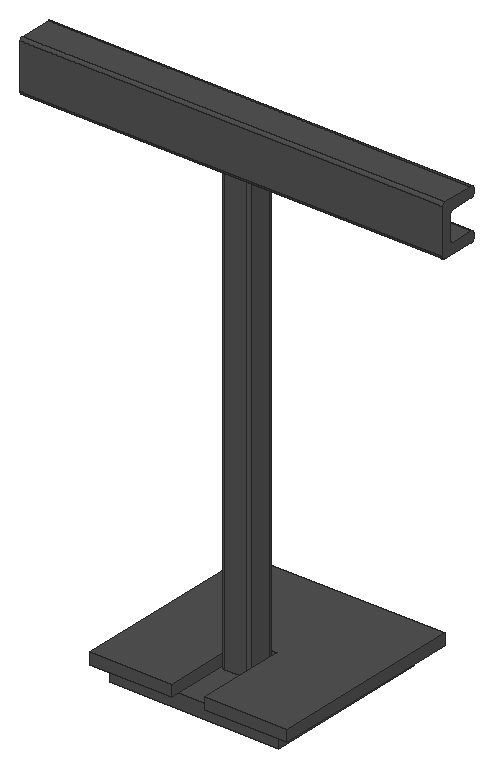
Revit family "71914", category Lighting Fixtures, Revit 2018
Family settings
  Round Connector Dimension = Use Diameter
  Part Type = Normal
  OmniClass Number = 23.80.70.00
  OmniClass Title = Lighting
  Work Plane-Based = Yes
  Always vertical = No
  Cut with Voids When Loaded = Yes
  Light Source = No
  Shared = No
  Room Calculation Point = No
Parameters (values of type "71914 KASP Wall lamp accessory")
  Voltage = ""
  URL = "https://www.faro.es/"
  Pendant height = Heigth + Hand.aux  # 575.034 mm
  Model = ""
  Manufacturer = "FARO Barcelona"  # constant formula
  Lamp = ""
  KASP lamp = no
  Heigth = 501.5 mm
  Hand.aux = 73.534 mm
  FARO_URL Model = "https://faro.es/en/productos/kasp-accesorio-aplique/"
  FARO_Subcategory = "Portable"  # constant formula
  FARO_Ref_Accessory = "for 71912, 71913"
  FARO_Ref = "71914"
  FARO_Model Line = "KASP"  # constant formula
  FARO_Material_04 = FARO_Black Matt
  FARO_Material_03 = FARO_White_translucide
  FARO_Material_02 = FARO_Black ceramics
  FARO_Material_01 = FARO_Black Matt
  FARO_Last Actualization Date = "29/04/2021"  # constant formula
  FARO_EAN = "8421776240285"
  FARO_Description ES = "KASP Accesorio aplique"
  FARO_Description EN = "KASP Wall lamp accessory"
  FARO_Category = "Outdoor"  # constant formula
  Default Elevation = 1219.2 mm
  Assembly Code = ""
Types (3, lengths in mm): name | Pendant height | KASP lamp | Heigth | FARO_URL Model | FARO_Ref_Accessory | FARO_EAN
  71914 KASP Wall lamp accessory | 575.034 | no | 501.5 | "https://faro.es/en/productos/kasp-accesorio-aplique/" | "for 71912, 71913" | "8421776240285"
  71914 KASP Wall lamp accessory + 71912 | 375.034 | yes | 301.5 | "" | "71912" | ""
  71914 KASP Wall lamp accessory + 71913 | 575.034 | yes | 501.5 | "" | "71913" | ""
Reference planes
  plane 1 "Light Source Axis (F/B)": y = 0
  plane 2: z = 0
  plane 3 "Light Source Axis (L/R)": x = 0
  plane 4 "Light Source Elevation 1": z = 172.582
  plane 5: x = -91.68
  plane 6: x = 91.68
  plane 7: x = -80.82
  plane 8: x = 80.82
  plane 9: y = -12.329
  plane 10: y = -85.863
Dimensions and locks
  plane 4 "Light Source Elevation 1" to plane 2 = 172.582 mm
  equal spacing: plane 5, plane 3 "Light Source Axis (L/R)", plane 6
  locked: plane 5 to plane 7 at 10.86
  locked: plane 8 to plane 6 at 10.86
  plane 5 to plane 6 = 183.36 mm
  locked: plane 1 "Light Source Axis (F/B)" to plane 9 at 12.329
  "Hand.aux": plane 9 to plane 10
  aligned and locked: level to plane 2
  aligned and locked: plane 1 "Light Source Axis (F/B)" to nested 2
  aligned and locked: nested 2 to plane 9
  aligned and locked: nested 1 to plane 10
Nested families
  nested 1: "71912, 71913 KASP" at (0, -587.363, 172.582) x (0, 0, -1) z (0, 1, 0), Heigth <- "Heigth", visible <- "KASP lamp", VIS <- "KASP lamp", type "71912 KASP Black portable beacon lamp H30"
    with VIS no, Heigth 501.5 mm
  nested 2: "71914_" at (0, 0, 0), FARO_Material_01 <- "FARO_Material_01", FARO_Material_02 <- "FARO_Material_02", FARO_Material_03 <- "FARO_Material_03", FARO_Material_04 <- "FARO_Material_04", type "LAMP"
    with Total height 506 mm, FARO_Material_04 FARO_Black Matt, FARO_Material_03 FARO_White_translucide, FARO_Material_02 FARO_Black ceramics, FARO_Material_01 FARO_Black Matt, B 130 mm, A 150 mm
Definition of nested family "71914_"
  Parameters (values of type "LAMP")
    Voltage = ""
    URL = "https://www.faro.es/"
    Total height [instance] = 306 mm
    Model = ""
    Manufacturer = "FARO Barcelona"  # constant formula
    Lamp = ""
    Int = 180 mm
    FARO_URL Model = ""
    FARO_Subcategory = ""
    FARO_Ref_Accessory = ""
    FARO_Ref = ""
    FARO_Model Line = ""
    FARO_Material_04 [instance] = none
    FARO_Material_03 [instance] = none
    FARO_Material_02 [instance] = none
    FARO_Material_01 [instance] = none
    FARO_Last Actualization Date = "29/04/2021"  # constant formula
    FARO_EAN = ""
    FARO_Description ES = ""
    FARO_Description EN = ""
    FARO_Category = ""
    Default Elevation = 1219.2 mm
    B [instance] = 130 mm
    Assembly Code = ""
    A [instance] = 150 mm
  Reference planes
    plane 1 "Light Source Axis (F/B)": y = 0
    plane 2: z = 0
    plane 3 "Light Source Axis (L/R)": x = 0
    plane 4 "Light Source Elevation": z = 172.582
    plane 5: z = 163.6
    plane 6: x = -75.007
    plane 7: x = 75.007
    plane 8: y = 12.329
  Forms (mm)
    Extrusion 1, solid, material <- "FARO_Material_01"
      sketch origin (0, 0, 0) x (1, 0, 0) y (0, 1, 0)
        loop
          line (-30, 32.207) -> (-30, -27.793) -> (30, -27.793) -> (30, 32.207) -> (-30, 32.207)
        loop
          circle (-23.5, 25.705) r 2.8
        loop
          circle (23.5, 25.705) r 2.8
        loop
          circle (-23.5, -21.291) r 2.8
        loop
          circle (23.5, -21.291) r 2.8
      from 0 to 5
    Extrusion 2, solid, material <- "FARO_Material_01"
      sketch origin (0, 0, 0) x (1, 0, 0) y (0, 1, 0)
        loop
          line (-34.863, 35) -> (-34.863, -35) -> (35.137, -35) -> (35.137, 35) -> (5.937, 35) -> (5.937, 2.879) -> (-5.663, 2.879) -> (-5.663, 35) -> (-34.863, 35)
      from 5 to 9
    Extrusion 3, solid, material <- "FARO_Material_01"
      sketch origin (0, 0, 0) x (1, 0, 0) y (0, 1, 0)
        loop
          line (5, 4.708) -> (5, 12.651)
          arc (5, 12.651) -> (4.699, 13.378) -> (3.972, 13.679) r 1.028
          line (3.972, 13.679) -> (-3.983, 13.679)
          arc (-3.983, 13.679) -> (-4.702, 13.381) -> (-5, 12.662) r 1.017
          line (-5, 12.662) -> (-5, 4.702)
          arc (-5, 4.702) -> (-4.701, 3.979) -> (-3.978, 3.679) r 1.022
          line (-3.978, 3.679) -> (3.972, 3.679)
          arc (3.972, 3.679) -> (4.699, 3.98) -> (5, 4.708) r 1.028
      from 0 to 163.6
    Extrusion 4, solid, material <- "FARO_Material_01"
      sketch origin (0, 0, 0) x (0, 1, 0) y (0, 0, 1)
        loop
          line (14.527, 181.6) -> (3.035, 181.6)
          arc (3.035, 181.6) -> (2.324, 181.305) -> (2.029, 180.594) r 1.006
          line (2.029, 180.594) -> (2.029, 178.899)
          arc (2.029, 178.899) -> (2.337, 178.157) -> (3.078, 177.85) r 1.049
          line (3.078, 177.85) -> (11.293, 177.85)
          arc (11.293, 177.85) -> (12.026, 177.547) -> (12.329, 176.814) r 1.036
          line (12.329, 176.814) -> (12.329, 168.349)
          arc (12.329, 168.349) -> (12.036, 167.643) -> (11.33, 167.35) r 0.999
          line (11.33, 167.35) -> (3.05, 167.35)
          arc (3.05, 167.35) -> (2.328, 167.051) -> (2.029, 166.329) r 1.021
          line (2.029, 166.329) -> (2.029, 164.648)
          arc (2.029, 164.648) -> (2.336, 163.907) -> (3.077, 163.6) r 1.048
          line (3.077, 163.6) -> (14.544, 163.6)
          arc (14.544, 163.6) -> (15.239, 163.888) -> (15.527, 164.583) r 0.983
          line (15.527, 164.583) -> (15.527, 180.6)
          arc (15.527, 180.6) -> (15.234, 181.307) -> (14.527, 181.6) r 1
      from -75.007 to 75.007
  Cuts and joins
    joined: Extrusion 1, Extrusion 3
  Dimensions and locks
    plane 4 "Light Source Elevation" to plane 2 = 172.582 mm
    equal spacing: plane 7, plane 3 "Light Source Axis (L/R)", plane 6
    plane 6 to plane 7 = 150.014 mm
    locked: plane 8 to plane 1 "Light Source Axis (F/B)" at 12.329
    aligned and locked: level to plane 2
    aligned and locked: Extrusion 1 to plane 2
    aligned and locked: plane 5 to Extrusion 3
    aligned and locked: plane 6 to Extrusion 4
    aligned and locked: Extrusion 4 to plane 7
    aligned and locked: Extrusion 1 to Extrusion 3
  Automatic sketch dimensions
    Extrusion 1 sketch curve to plane 3 "Light Source Axis (L/R)" = 30 mm
    Extrusion 1 sketch curve to Extrusion 1 sketch curve = 6.5 mm  (x3)
    plane 3 "Light Source Axis (L/R)" to Extrusion 1 sketch curve = 23.5 mm  (x2)
    plane 1 "Light Source Axis (F/B)" to Extrusion 1 sketch curve = 27.793 mm
    Extrusion 1 sketch curve to Extrusion 1 sketch curve = 6.502 mm  (x3)
    Extrusion 1 sketch curve to plane 1 "Light Source Axis (F/B)" = 25.705 mm  (x2)
    Extrusion 2 sketch curve to plane 3 "Light Source Axis (L/R)" = 34.863 mm
    Extrusion 2 sketch curve to plane 3 "Light Source Axis (L/R)" = 5.663 mm
    Extrusion 2 sketch curve to plane 1 "Light Source Axis (F/B)" = 2.879 mm
    plane 3 "Light Source Axis (L/R)" to Extrusion 2 sketch curve = 5.937 mm
    plane 3 "Light Source Axis (L/R)" to Extrusion 2 sketch curve = 35.137 mm
    plane 1 "Light Source Axis (F/B)" to Extrusion 2 sketch curve = 35 mm
    Extrusion 2 sketch curve to plane 1 "Light Source Axis (F/B)" = 35 mm
    Extrusion 2 sketch curve to Extrusion 2 sketch curve = 0 mm
    Extrusion 3 sketch curve to plane 3 "Light Source Axis (L/R)" = 5 mm
    Extrusion 3 sketch curve to Extrusion 3 sketch curve = 1.017 mm
    Extrusion 3 sketch curve to Extrusion 3 sketch curve = 1.022 mm
    plane 3 "Light Source Axis (L/R)" to Extrusion 3 sketch curve = 3.972 mm  (x2)
    Extrusion 3 sketch curve to Extrusion 3 sketch curve = 1.028 mm
    Extrusion 3 sketch curve to plane 1 "Light Source Axis (F/B)" = 3.679 mm
    Extrusion 3 sketch curve to Extrusion 3 sketch curve = 7.943 mm
    Extrusion 4 sketch curve to plane 5 = 0 mm
    Extrusion 4 sketch curve to plane 1 "Light Source Axis (F/B)" = 2.029 mm  (x2)
    Extrusion 4 sketch curve to Extrusion 4 sketch curve = 1.006 mm
    Extrusion 4 sketch curve to Extrusion 4 sketch curve = 1.021 mm
    Extrusion 4 sketch curve to Extrusion 4 sketch curve = 1.048 mm
    Extrusion 4 sketch curve to Extrusion 4 sketch curve = 1.049 mm
    Extrusion 4 sketch curve to Extrusion 4 sketch curve = 8.215 mm
    plane 5 to Extrusion 4 sketch curve = 3.75 mm
    Extrusion 4 sketch curve to Extrusion 4 sketch curve = 8.28 mm
    Extrusion 4 sketch curve to Extrusion 4 sketch curve = 1.036 mm
    Extrusion 4 sketch curve to Extrusion 4 sketch curve = 3.234 mm
    plane 5 to Extrusion 4 sketch curve = 0.983 mm
    Extrusion 4 sketch curve to Extrusion 4 sketch curve = 3.214 mm
    Extrusion 4 sketch curve to Extrusion 4 sketch curve = 8.465 mm
    Extrusion 4 sketch curve to Extrusion 4 sketch curve = 1.695 mm
    radius of Extrusion 1 sketch curve = 2.8 mm  (x4)
